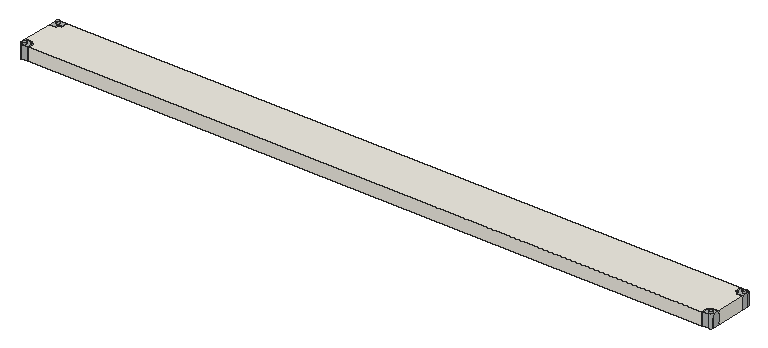
Revit family "HIGHTECH", category Осветительные приборы, Revit 2019 (continued)
Types (32, lengths in mm): name | Файл фотометрической сетки | built-in parameter 1150105 | Lumens | built-in parameter 1150106 | built-in parameter 1150142 | Wattage | Emit from Rectangle Width | Emit from Rectangle Length | Длина | Ширина | ADSK_Ток | ADSK_Полная мощность | ADSK_Обозначение | ADSK_Номинальная мощность | ADSK_Наименование | ADSK_Масса | ADSK_Код изделия
    568 1390.010 1377.085 1361.002 1342.947 1322.522 1300.026 1275.261 1248.621 1220.205 1189.817 1157.849 1124.598 1089.670 \r\n1053.460 1016.065 977.881 938.119 898.060 856.917 815.575 773.149 730.722 687.901 644.390 600.877 557.168 513.262 470.046 426.534 383.121 340.497 298.761 257.814 218.151 179.473 \r\n140.501 105.672 72.816 41.835 13.714 0.592 0.592 0.493 0.493 0.493 0.493 0.493 0.493 0.493 0.493 0.395 0.395 0.395 0.395 0.395 0.395 0.395 0.395 0.296 0.296 0.296 0.296 0.296 0.296 0.296 0.296 0.197 \r\n0.197 0.197 0.197 0.197 0.197 0.197 0.197 0.098 0.098 0.098 0.098 0.098 0.098 0.098 0.098 0.000 0.000 0.000 0.000 \r\n1417.637 1417.341 1413.986 1408.461 1400.271 1389.715 1376.789 1360.608 1342.552 1322.128 1299.632 1274.768 1248.128 1219.614 1189.224 1157.256 1123.907 1088.980 \r\n1052.868 1015.374 977.191 937.428 897.369 856.127 814.884 772.458 730.032 687.211 643.698 600.187 556.577 512.670 469.454 425.942 382.529 340.004 298.268 257.321 217.756 179.080 \r\n140.204 105.376 72.520 41.538 13.517 0.592 0.592 0.493 0.493 0.493 0.493 0.493 0.493 0.493 0.493 0.395 0.395 0.395 0.395 0.395 0.395 0.395 0.395 0.296 0.296 0.296 0.296 0.296 0.296 0.296 0.296 0.197 \r\n0.197 0.197 0.197 0.197 0.197 0.197 0.197 0.098 0.098 0.098 0.098 0.098 0.098 0.098 0.098 0.000 0.000 0.000 0.000 \r\n1417.637 1417.242 1413.789 1408.362 1400.075 1389.517 1376.394 1360.311 1342.157 1321.733 1299.138 1274.274 1247.536 1219.022 1188.632 1156.566 1123.315 1088.388 \r\n1052.177 1014.684 976.500 936.738 896.581 855.436 814.194 771.768 729.341 686.519 643.107 599.496 555.885 512.078 468.862 425.449 382.035 339.511 297.873 256.926 217.362 178.685 \r\n139.909 105.079 72.223 41.341 13.221 0.592 0.592 0.493 0.493 0.493 0.493 0.493 0.493 0.493 0.493 0.395 0.395 0.395 0.395 0.395 0.395 0.395 0.395 0.296 0.296 0.296 0.296 0.296 0.296 0.296 0.296 0.197 \r\n0.197 0.197 0.197 0.197 0.197 0.197 0.197 0.098 0.098 0.098 0.098 0.098 0.098 0.098 0.098 0.000 0.000 0.000 0.000 \r\n1417.637 1417.242 1413.690 1408.165 1399.877 1389.220 1376.098 1359.917 1341.762 1321.339 1298.645 1273.781 1247.043 1218.528 1188.041 1155.974 1122.723 1087.697 \r\n1051.487 1013.993 975.810 936.046 895.889 854.746 813.503 771.077 728.650 685.829 642.416 598.904 555.294 511.486 468.270 424.857 381.542 339.018 297.380 256.533 216.967 178.389 \r\n139.613 104.882 72.026 41.143 13.024 0.592 0.592 0.493 0.493 0.493 0.493 0.493 0.493 0.493 0.493 0.395 0.395 0.395 0.395 0.395 0.395 0.395 0.395 0.296 0.296 0.296 0.296 0.296 0.296 0.296 0.296 0.197 \r\n0.197 0.197 0.197 0.197 0.197 0.197 0.197 0.098 0.098 0.098 0.098 0.098 0.098 0.098 0.098 0.000 0.000 0.000 0.000 \r\n1417.637 1417.143 1413.592 1407.967 1399.580 1388.925 1375.803 1359.523 1341.367 1320.845 1298.250 1273.288 1246.550 1217.936 1187.448 1155.382 1122.032 1087.105 \r\n1050.894 1013.401 975.119 935.356 895.199 854.055 812.813 770.386 727.959 685.138 641.725 598.213 554.603 510.795 467.678 424.265 380.951 338.524 296.887 256.038 216.573 177.994 \r\n139.218 104.586 71.730 40.848 12.826 0.592 0.592 0.493 0.493 0.493 0.493 0.493 0.493 0.493 0.493 0.395 0.395 0.395 0.395 0.395 0.395 0.395 0.395 0.296 0.296 0.296 0.296 0.296 0.296 0.296 0.296 0.197 \r\n0.197 0.197 0.197 0.197 0.197 0.197 0.197 0.098 0.098 0.098 0.098 0.098 0.098 0.098 0.098 0.000 0.000 0.000 0.000 \r\n1417.637 1417.143 1413.492 1407.869 1399.383 1388.629 1375.506 1359.226 1340.973 1320.451 1297.757 1272.795 1246.056 1217.443 1186.856 1154.790 1121.441 1086.414 \r\n1050.204 1012.711 974.428 934.665 894.508 853.365 812.122 769.695 727.269 684.448 641.134 597.523 554.011 510.203 467.086 423.772 380.457 338.031 296.492 255.645 216.178 177.599 \r\n138.922 104.291 71.533 40.650 12.629 0.592 0.592 0.592 0.493 0.493 0.493 0.493 0.493 0.493 0.493 0.395 0.395 0.395 0.395 0.395 0.395 0.395 0.395 0.296 0.296 0.296 0.296 0.296 0.296 0.296 0.296 0.197 \r\n0.197 0.197 0.197 0.197 0.197 0.197 0.197 0.098 0.098 0.098 0.098 0.098 0.098 0.098 0.098 0.000 0.000 0.000 0.000 \r\n1417.637 1417.044 1413.394 1407.671 1399.187 1388.333 1375.111 1358.832 1340.578 1320.056 1297.264 1272.301 1245.464 1216.851 1186.264 1154.099 1120.849 1085.822 \r\n1049.513 1012.020 973.737 933.975 893.818 852.575 811.432 769.004 726.578 683.855 640.443 596.930 553.321 509.611 466.494 423.180 379.964 337.537 295.999 255.250 215.783 177.304 \r\n138.626 103.994 71.237 40.453 12.333 0.592 0.592 0.592 0.493 0.493 0.493 0.493 0.493 0.493 0.493 0.395 0.395 0.395 0.395 0.395 0.395 0.395 0.395 0.296 0.296 0.296 0.296 0.296 0.296 0.296 0.296 0.197 \r\n0.197 0.197 0.197 0.197 0.197 0.197 0.197 0.098 0.098 0.098 0.098 0.098 0.098 0.098 0.098 0.000 0.000 0.000 0.000 \r\n1417.637 1417.044 1413.295 1407.474 1398.890 1388.135 1374.815 1358.437 1340.184 1319.661 1296.869 1271.808 1244.971 1216.258 1185.673 1153.507 1120.158 1085.131 \r\n1048.823 1011.329 973.046 933.284 893.127 851.884 810.741 768.314 725.888 683.165 639.752 596.240 552.728 509.019 465.902 422.686 379.371 337.044 295.505 254.757 215.388 176.909 \r\n138.232 103.698 70.942 40.157 12.136 0.592 0.592 0.592 0.493 0.493 0.493 0.493 0.493 0.493 0.493 0.395 0.395 0.395 0.395 0.395 0.395 0.395 0.395 0.296 0.296 0.296 0.296 0.296 0.296 0.296 0.296 0.197 \r\n0.197 0.197 0.197 0.197 0.197 0.197 0.197 0.098 0.098 0.098 0.098 0.098 0.098 0.098 0.098 0.000 0.000 0.000 0.000 \r\n1417.637 1416.946 1413.197 1407.376 1398.693 1387.839 1374.520 1358.042 1339.789 1319.168 1296.376 1271.315 1244.477 1215.765 1185.179 1152.915 1119.566 1084.539 \r\n1048.230 1010.638 972.356 932.594 892.436 851.194 810.050 767.623 725.197 682.474 639.160 595.649 552.038 508.427 465.310 422.094 378.878 336.550 295.111 254.362 214.895 176.514 \r\n137.935 103.403 70.744 39.960 11.939 0.592 0.592 0.592 0.493 0.493 0.493 0.493 0.493 0.493 0.493 0.395 0.395 0.395 0.395 0.395 0.395 0.395 0.395 0.296 0.296 0.296 0.296 0.296 0.296 0.296 0.296 0.197 \r\n0.197 0.197 0.197 0.197 0.197 0.197 0.197 0.098 0.098 0.098 0.098 0.098 0.098 0.098 0.098 0.000 0.000 0.000 0.000 \r\n1417.637 1416.946 1413.098 1407.178 1398.495 1387.544 1374.223 1357.747 1339.395 1318.773 1295.882 1270.822 1243.886 1215.174 1184.587 1152.323 1118.974 1083.848 \r\n1047.540 1009.947 971.665 931.903 891.746 850.503 809.359 766.933 724.507 681.784 638.470 594.958 551.445 507.836 464.718 421.502 378.287 336.057 294.617 253.967 214.500 176.119 \r\n137.640 103.106 70.447 39.762 11.741 0.592 0.592 0.592 0.493 0.493 0.493 0.493 0.493 0.493 0.493 0.395 0.395 0.395 0.395 0.395 0.395 0.395 0.395 0.296 0.296 0.296 0.296 0.296 0.296 0.296 0.296 0.197 \r\n0.197 0.197 0.197 0.197 0.197 0.197 0.197 0.098 0.098 0.098 0.098 0.098 0.098 0.098 0.098 0.000 0.000 0.000 0.000 \r\n1417.637 1416.848 1412.999 1407.079 1398.298 1387.247 1373.829 1357.352 1339.000 1318.378 1295.488 1270.327 1243.392 1214.680 1183.995 1151.731 1118.283 1083.257 \r\n1046.849 1009.257 970.975 931.113 891.055 849.813 808.668 766.242 723.914 681.093 637.779 594.266 550.755 507.145 464.126 421.009 377.793 335.564 294.222 253.474 214.105 175.823 \r\n137.343 102.810 70.250 39.467 11.445 0.592 0.592 0.592 0.493 0.493 0.493 0.493 0.493 0.493 0.493 0.395 0.395 0.395 0.395 0.395 0.395 0.395 0.395 0.296 0.296 0.296 0.296 0.296 0.296 0.296 0.296 0.197 \r\n0.197 0.197 0.197 0.197 0.197 0.197 0.197 0.098 0.098 0.098 0.098 0.098 0.098 0.098 0.098 0.000 0.000 0.000 0.000 \r\n1417.637 1416.848 1412.901 1406.882 1398.002 1387.051 1373.533 1356.957 1338.605 1317.983 1294.994 1269.834 1242.899 1214.089 1183.403 1151.041 1117.692 1082.665 \r\n1046.257 1008.566 970.284 930.423 890.266 849.121 807.978 765.552 723.224 680.403 637.187 593.675 550.163 506.553 463.534 420.416 377.300 335.071 293.729 253.079 213.712 175.429 \r\n136.949 102.515 69.954 39.269 11.248 0.592 0.592 0.592 0.493 0.493 0.493 0.493 0.493 0.493 0.493 0.395 0.395 0.395 0.395 0.395 0.395 0.395 0.395 0.296 0.296 0.296 0.296 0.296 0.296 0.296 0.296 0.197 \r\n0.197 0.197 0.197 0.197 0.197 0.197 0.197 0.098 0.098 0.098 0.098 0.098 0.098 0.098 0.098 0.000 0.000 0.000 0.000 \r\n1417.637 1416.749 1412.802 1406.684 1397.805 1386.754 1373.237 1356.661 1338.210 1317.589 1294.599 1269.341 1242.406 1213.496 1182.811 1150.448 1117.099 1081.974 \r\n1045.566 1007.974 969.593 929.732 889.575 848.333 807.287 764.861 722.533 679.712 636.496 592.985 549.472 505.960 462.942 419.825 376.707 334.577 293.236 252.684 213.317 175.034 \r\n136.652 102.218 69.659 39.072 11.051 0.592 0.592 0.592 0.493 0.493 0.493 0.493 0.493 0.493 0.493 0.395 0.395 0.395 0.395 0.395 0.395 0.395 0.395 0.296 0.296 0.296 0.296 0.296 0.296 0.296 0.296 0.197 \r\n0.197 0.197 0.197 0.197 0.197 0.197 0.197 0.098 0.098 0.098 0.098 0.098 0.098 0.098 0.098 0.000 0.000 0.000 0.000 \r\n1417.637 1416.749 1412.704 1406.586 1397.607 1386.458 1372.941 1356.266 1337.815 1317.095 1294.106 1268.848 1241.813 1213.003 1182.219 1149.856 1116.409 1081.382 \r\n1044.876 1007.283 968.902 929.042 888.885 847.642 806.597 764.170 721.843 679.120 635.806 592.293 548.881 505.368 462.351 419.332 376.214 334.084 292.841 252.191 212.922 174.738 \r\n136.357 101.922 69.461 38.776 10.853 0.592 0.592 0.592 0.493 0.493 0.493 0.493 0.493 0.493 0.493 0.395 0.395 0.395 0.395 0.395 0.395 0.395 0.395 0.296 0.296 0.296 0.296 0.296 0.296 0.296 0.296 0.197 \r\n0.197 0.197 0.197 0.197 0.197 0.197 0.197 0.098 0.098 0.098 0.098 0.098 0.098 0.098 0.098 0.000 0.000 0.000 0.000 \r\n1417.637 1416.650 1412.604 1406.389 1397.311 1386.162 1372.546 1355.871 1337.421 1316.701 1293.613 1268.355 1241.320 1212.411 1181.627 1149.265 1115.816 1080.691 \r\n1044.284 1006.593 968.212 928.351 888.194 846.951 805.906 763.479 721.151 678.429 635.213 591.702 548.190 504.777 461.758 418.740 375.721 333.591 292.348 251.796 212.527 174.343 \r\n135.962 101.627 69.165 38.579 10.557 0.592 0.592 0.592 0.493 0.493 0.493 0.493 0.493 0.493 0.493 0.395 0.395 0.395 0.395 0.395 0.395 0.395 0.395 0.296 0.296 0.296 0.296 0.296 0.296 0.296 0.296 0.197 \r\n0.197 0.197 0.197 0.197 0.197 0.197 0.197 0.098 0.098 0.098 0.098 0.098 0.098 0.098 0.098 0.000 0.000 0.000 0.000 \r\n1417.637 1416.650 1412.506 1406.191 1397.114 1385.866 1372.250 1355.576 1337.027 1316.307 1293.218 1267.861 1240.827 1211.918 1181.035 1148.672 1115.225 1080.099 \r\n1043.593 1005.902 967.620 927.660 887.503 846.260 805.215 762.789 720.461 677.739 634.523 591.011 547.598 504.086 461.166 418.247 375.129 333.098 291.855 251.401 212.132 173.948 \r\n135.666 101.429 68.968 38.381 10.360 0.592 0.592 0.592 0.493 0.493 0.493 0.493 0.493 0.493 0.493 0.493 0.395 0.395 0.395 0.395 0.395 0.395 0.395 0.296 0.296 0.296 0.296 0.296 0.296 0.296 0.296 0.197 \r\n0.197 0.197 0.197 0.197 0.197 0.197 0.197 0.098 0.098 0.098 0.098 0.098 0.098 0.098 0.098 0.000 0.000 0.000 0.000 \r\n1417.637 1416.650 1412.407 1406.093 1396.917 1385.669 1371.954 1355.181 1336.632 1315.912 1292.725 1267.368 1240.334 1211.325 1180.443 1147.982 1114.633 1079.409 \r\n1042.903 1005.212 966.929 926.969 886.812 845.569 804.524 762.098 719.770 677.048 633.832 590.320 546.907 503.494 460.574 417.654 374.636 332.603 291.460 250.908 211.738 173.653 \r\n135.371 101.133 68.671 38.086 10.163 0.592 0.592 0.592 0.493 0.493 0.493 0.493 0.493 0.493 0.493 0.493 0.395 0.395 0.395 0.395 0.395 0.395 0.395 0.296 0.296 0.296 0.296 0.296 0.296 0.296 0.296 0.197 \r\n0.197 0.197 0.197 0.197 0.197 0.197 0.197 0.098 0.098 0.098 0.098 0.098 0.098 0.098 0.098 0.000 0.000 0.000 0.000 \r\n1417.637 1416.551 1412.309 1405.895 1396.621 1385.373 1371.559 1354.786 1336.237 1315.419 1292.232 1266.875 1239.742 1210.733 1179.851 1147.390 1113.942 1078.816 \r\n1042.310 1004.521 966.238 926.279 886.121 844.879 803.834 761.408 719.080 676.357 633.240 589.728 546.315 502.902 459.982 417.062 374.043 332.110 290.967 250.513 211.343 173.258 \r\n135.074 100.837 68.376 37.888 9.965 0.592 0.592 0.592 0.493 0.493 0.493 0.493 0.493 0.493 0.493 0.493 0.395 0.395 0.395 0.395 0.395 0.395 0.395 0.296 0.296 0.296 0.296 0.296 0.296 0.296 0.296 0.197 \r\n0.197 0.197 0.197 0.197 0.197 0.197 0.197 0.098 0.098 0.098 0.098 0.098 0.098 0.098 0.098 0.000 0.000 0.000 0.000 \r\n1417.637 1416.551 1412.111 1405.796 1396.423 1385.077 1371.264 1354.391 1335.842 1315.024 1291.837 1266.382 1239.248 1210.240 1179.259 1146.798 1113.350 1078.126 \r\n1041.620 1003.831 965.548 925.588 885.431 844.090 803.143 760.717 718.389 675.666 632.549 589.038 545.723 502.310 459.390 416.569 373.550 331.617 290.474 250.119 210.948 172.863 \r\n134.679 100.541 68.178 37.591 9.669 0.592 0.592 0.592 0.493 0.493 0.493 0.493 0.493 0.493 0.493 0.493 0.395 0.395 0.395 0.395 0.395 0.395 0.395 0.296 0.296 0.296 0.296 0.296 0.296 0.296 0.296 0.197 \r\n0.197 0.197 0.197 0.197 0.197 0.197 0.197 0.098 0.098 0.098 0.098 0.098 0.098 0.098 0.098 0.000 0.000 0.000 0.000 \r\n1417.637 1416.453 1412.013 1405.600 1396.226 1384.781 1370.968 1354.095 1335.448 1314.629 1291.344 1265.888 1238.754 1209.648 1178.667 1146.206 1112.758 1077.534 \r\n1040.929 1003.140 964.857 924.898 884.740 843.400 802.453 760.026 717.698 674.976 631.859 588.446 545.032 501.718 458.798 415.977 373.057 331.124 290.079 249.625 210.553 172.567 \r\n134.383 100.245 67.883 37.394 9.472 0.592 0.592 0.592 0.493 0.493 0.493 0.493 0.493 0.493 0.493 0.493 0.395 0.395 0.395 0.395 0.395 0.395 0.395 0.296 0.296 0.296 0.296 0.296 0.296 0.296 0.296 0.197 \r\n0.197 0.197 0.197 0.197 0.197 0.197 0.197 0.098 0.098 0.098 0.098 0.098 0.098 0.098 0.098 0.000 0.000 0.000 0.000 \r\n1417.637 1416.453 1411.914 1405.402 1395.930 1384.583 1370.671 1353.701 1335.053 1314.234 1290.850 1265.395 1238.261 1209.155 1178.075 1145.515 1112.067 1076.844 \r\n1040.239 1002.548 964.167 924.207 883.951 842.708 801.762 759.336 717.008 674.383 631.267 587.755 544.441 501.126 458.206 415.385 372.465 330.631 289.585 249.231 210.160 172.172 \r\n134.088 99.949 67.685 37.198 9.275 0.592 0.592 0.592 0.493 0.493 0.493 0.493 0.493 0.493 0.493 0.493 0.395 0.395 0.395 0.395 0.395 0.395 0.395 0.296 0.296 0.296 0.296 0.296 0.296 0.296 0.296 0.197 \r\n0.197 0.197 0.197 0.197 0.197 0.197 0.197 0.098 0.098 0.098 0.098 0.098 0.098 0.098 0.098 0.000 0.000 0.000 0.000 \r\n1417.637 1416.354 1411.816 1405.303 1395.733 1384.288 1370.276 1353.307 1334.658 1313.741 1290.456 1264.901 1237.669 1208.563 1177.582 1144.923 1111.476 1076.252 \r\n1039.646 1001.857 963.476 923.417 883.260 842.018 801.072 758.644 716.317 673.693 630.576 587.064 543.749 500.435 457.614 414.891 371.972 330.137 289.191 248.836 209.765 171.778 \r\n133.693 99.653 67.389 36.901 9.077 0.592 0.592 0.592 0.493 0.493 0.493 0.493 0.493 0.493 0.493 0.493 0.395 0.395 0.395 0.395 0.395 0.395 0.395 0.296 0.296 0.296 0.296 0.296 0.296 0.296 0.296 0.197 \r\n0.197 0.197 0.197 0.197 0.197 0.197 0.197 0.098 0.098 0.098 0.098 0.098 0.098 0.098 0.098 0.000 0.000 0.000 0.000 \r\n1417.637 1416.453 1411.914 1405.402 1395.930 1384.583 1370.671 1353.701 1335.053 1314.234 1290.850 1265.395 1238.261 1209.155 1178.075 1145.515 1112.067 1076.844 \r\n1040.239 1002.548 964.167 924.207 883.951 842.708 801.762 759.336 717.008 674.383 631.267 587.755 544.441 501.126 458.206 415.385 372.465 330.631 289.585 249.231 210.160 172.172 \r\n134.088 99.949 67.685 37.198 9.275 0.592 0.592 0.592 0.493 0.493 0.493 0.493 0.493 0.493 0.493 0.493 0.395 0.395 0.395 0.395 0.395 0.395 0.395 0.296 0.296 0.296 0.296 0.296 0.296 0.296 0.296 0.197 \r\n0.197 0.197 0.197 0.197 0.197 0.197 0.197 0.098 0.098 0.098 0.098 0.098 0.098 0.098 0.098 0.000 0.000 0.000 0.000 \r\n1417.637 1416.453 1412.013 1405.600 1396.226 1384.781 1370.968 1354.095 1335.448 1314.629 1291.344 1265.888 1238.754 1209.648 1178.667 1146.206 1112.758 1077.534 \r\n1040.929 1003.140 964.857 924.898 884.740 843.400 802.453 760.026 717.698 674.976 631.859 588.446 545.032 501.718 458.798 415.977 373.057 331.124 290.079 249.625 210.553 172.567 \r\n134.383 100.245 67.883 37.394 9.472 0.592 0.592 0.592 0.493 0.493 0.493 0.493 0.493 0.493 0.493 0.493 0.395 0.395 0.395 0.395 0.395 0.395 0.395 0.296 0.296 0.296 0.296 0.296 0.296 0.296 0.296 0.197 \r\n0.197 0.197 0.197 0.197 0.197 0.197 0.197 0.098 0.098 0.098 0.098 0.098 0.098 0.098 0.098 0.000 0.000 0.000 0.000 \r\n1417.637 1416.551 1412.111 1405.796 1396.423 1385.077 1371.264 1354.391 1335.842 1315.024 1291.837 1266.382 1239.248 1210.240 1179.259 1146.798 1113.350 1078.126 \r\n1041.620 1003.831 965.5
